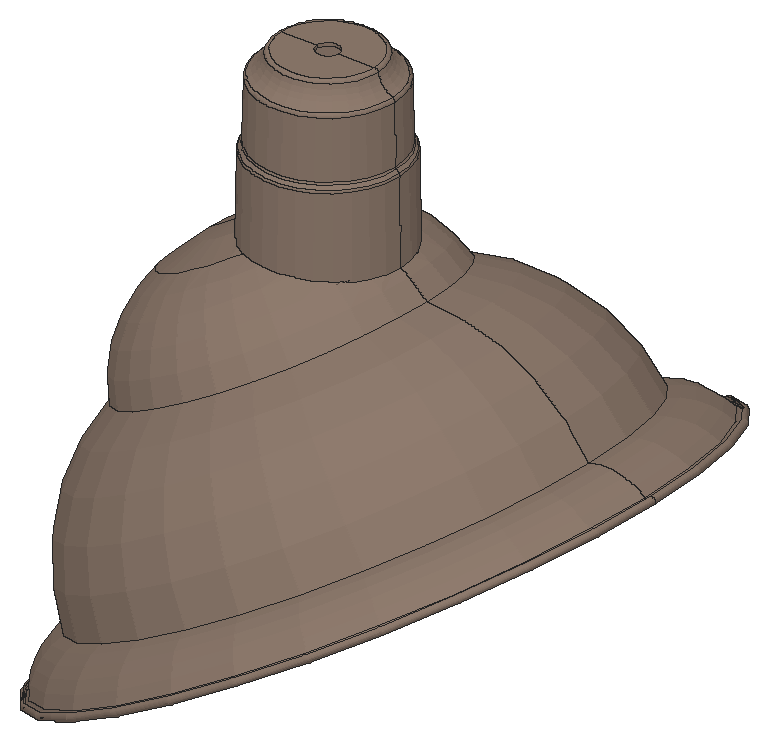
Revit family "M714", category Generic Models, Revit 2017
Family settings
  Can host rebar = No
  Round Connector Dimension = Use Diameter
  Part Type = Normal
  Work Plane-Based = No
  Always vertical = Yes
  Cut with Voids When Loaded = No
  Shared = No
  Room Calculation Point = No
Parameters
  M714 = Default
Reference planes (in)
  plane 1 "Center (Front/Back)": y = 0
  plane 2: z = 0
  plane 3 "Center (Left/Right)": x = 0
Forms (in)
  Revolve 1, solid, material "Default" <- "M714"
    sketch origin (0, 0, 0) x (1, 0, 0) y (0, 0, 1)
      loop
        arc (33.06145, 21.1922) -> (32.48018, 20.01147) -> (32.51928, 18.69599) r 2.72826
        arc (32.51928, 18.69599) -> (31.79891, 16.6548) -> (32.16604, 14.52157) r 4.29306
        arc (32.16604, 14.52157) -> (31.78844, 13.96335) -> (31.68086, 13.29804) r 1.56358
        arc (31.68086, 13.29804) -> (31.66957, 13.22526) -> (31.62947, 13.16346) r 0.17599
        arc (31.62947, 13.16346) -> (31.60829, 13.16974) -> (31.61456, 13.19093) r 0.01563
        line (31.61456, 13.19093) -> (31.58474, 13.24585)
        arc (31.58474, 13.24585) -> (31.55637, 13.13484) -> (31.66922, 13.11494) r 0.07813
        arc (31.66922, 13.11494) -> (31.72684, 13.2001) -> (31.74326, 13.3016) r 0.23849
        arc (31.74326, 13.3016) -> (31.85489, 13.96094) -> (32.24181, 14.50637) r 1.50108
        arc (32.24181, 14.50637) -> (31.86052, 16.64153) -> (32.58743, 18.68504) r 4.23056
        arc (32.58743, 18.68504) -> (32.53815, 19.98372) -> (33.10877, 21.15137) r 2.66576
        arc (33.10877, 21.15137) -> (33.77863, 21.78517) -> (34.55136, 22.28846) r 5.11772
        line (34.55136, 22.28846) -> (34.52154, 22.34339)
        arc (34.52154, 22.34339) -> (33.73942, 21.83384) -> (33.06145, 21.1922) r 5.18022
      axis (34.52154, 22.34339) -> (37.74193, 16.41216)
    angle from 0 to 360
  Revolve 2, solid, material "Default" <- "M714"
    sketch origin (0, 0, 0) x (1, 0, 0) y (0, 0, 1)
      loop
        arc (35.37706, 26.39623) -> (35.32144, 26.37699) -> (35.2896, 26.3275) r 0.09
        arc (35.2896, 26.3275) -> (35.17286, 26.08776) -> (34.96695, 25.91833) r 0.62612
        arc (34.96695, 25.91833) -> (34.93161, 25.88581) -> (34.91803, 25.83975) r 0.09
        line (34.91803, 25.83975) -> (34.89654, 24.5504)
        arc (34.89654, 24.5504) -> (34.89169, 24.52273) -> (34.87855, 24.4979) r 0.09
        line (34.87855, 24.4979) -> (34.81981, 24.41957)
        arc (34.81981, 24.41957) -> (34.80666, 24.39474) -> (34.80182, 24.36707) r 0.09
        line (34.80182, 24.36707) -> (34.77284, 22.39623) -> (34.83535, 22.39623) -> (34.86444, 24.37491) -> (34.95821, 24.49994) -> (34.9808, 25.85542)
        arc (34.9808, 25.85542) -> (35.22353, 26.05108) -> (35.35509, 26.33373) r 0.68862
        line (35.35509, 26.33373) -> (36.1773, 26.33373) -> (36.1773, 26.39623) -> (35.37706, 26.39623)
      axis (36.4273, 26.39623) -> (36.4273, 22.39623)
    angle from 0 to 360
  Revolve 3, void
    sketch origin (0, 0, 0) x (1, 0, 0) y (0, 0, 1)
      loop
        line (34.83535, 22.39623) -> (36.4273, 22.39623) -> (36.4273, 23.01246) -> (34.84362, 23.01246) -> (34.83535, 22.39623)
      axis (36.4273, 23.01246) -> (36.4273, 22.39623)
    angle from 0 to 360
Cuts and joins
  Revolve 3 cuts Revolve 1
Dimensions and locks (in)
  aligned and locked: plane 2 to level
